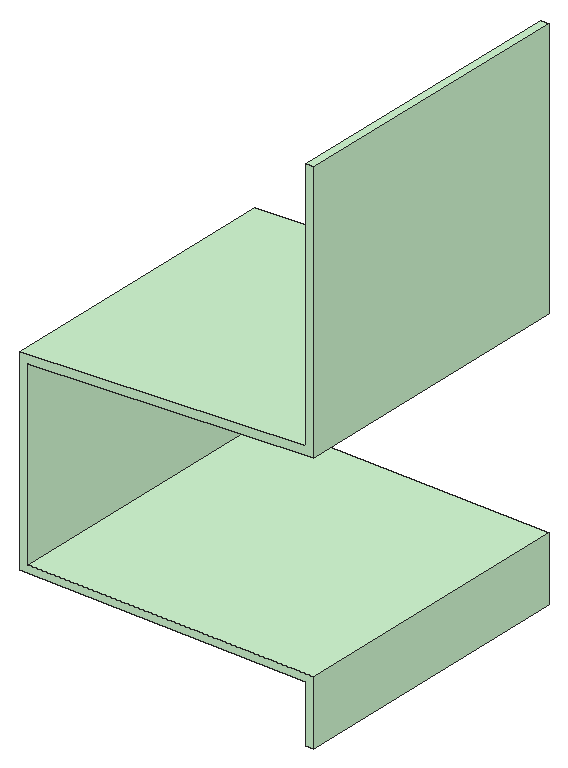
Revit family "廻り縁イタオサエ", category 機械設備, Revit 2020
Family settings
  丸型コネクタ寸法 = 直径を使用
  種別 = なし
  パーツ タイプ = 標準
  作業面ベース = いいえ
  常に垂直 = はい
  ロード時にボイドで切り取り = いいえ
  共有 = いいえ
  部屋計算ポイント = いいえ
Parameters
  製造元 = "株式会社桐井製作所"
  既定の高さ = 0 mm
  URL = "https://www.kirii.co.jp/"
  K_材質 = "SUS バネ鋼"
  K_品名 = "廻り縁イタオサエ"
  K_名称 = "仕上げ材オサエ"
  K_入数 = "500"
  K_バージョン情報 = "20220411"
Reference planes
  plane 1 "中心(正面/背面)": y = 0
  plane 2: z = 0
  plane 3 "中心(左/右)": x = 0
Forms (mm)
  Extrusion 1, solid
    sketch origin (0.4, -7.5, 0) x (1, 0, 0) y (0, 0, 1)
      loop
        line (0, 0.4) -> (-14.6, 0.4) -> (-14.6, 9.6) -> (0, 10.423) -> (0, 24.4) -> (-0.4, 23.707) -> (-0.4, 10.8) -> (-15, 9.977) -> (-15, 0) -> (-0.4, 0) -> (-0.4, -2.907) -> (0, -3.6) -> (0, 0.4)
    from -7.5 to 7.5
  Extrusion 2, void
    sketch origin (0.088, 0, 0) x (1, 0, 0) y (0, 0, 1)
      loop
        line (0.407, 24.639) -> (-0.388, 24.639) -> (-0.388, 23.706) -> (0.407, 23.706) -> (0.407, 24.639)
    from 0 to 15
  Extrusion 3, void
    sketch origin (0.088, 0, 20.909) x (1, 0, 0) y (0, 0, 1)
      loop
        line (0.726, -24.696) -> (0.726, -23.794) -> (-0.088, -23.794) -> (-0.088, -24.696) -> (0.726, -24.696)
    from 0 to 15
Cuts and joins
  Extrusion 2, Extrusion 3 cuts Extrusion 1
Dimensions and locks
  aligned and locked: level to plane 2
